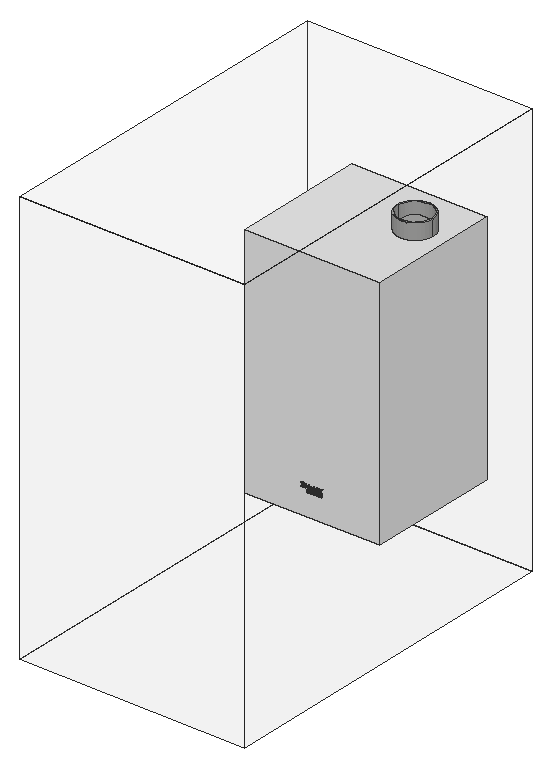
Revit family "Quinta Ace 160kW LOD 3", category Mechanical Equipment, Revit 2020
Family settings
  Round Connector Dimension = Use Radius
  Part Type = Normal
  OmniClass Number = 23.75.10.11.14.14
  OmniClass Title = Condensing Boilers
  Work Plane-Based = No
  Always vertical = Yes
  Cut with Voids When Loaded = No
  Shared = No
  Room Calculation Point = No
Parameters (values of type "160kW")
  Weekly = "0"
  Water Treatment Required = yes
  Water Content = 17.0 L
  Warranty ID = ""
  Voltage = 230 V
  Uniclass2015 = "Pr_60_60_08"
  URL = ""
  Type = "Space heating"
  Turndown Ratio = "5:1"
  Supply Phase = 1
  Starting Current = 0 A
  Sound Pressure Level = "59.5 dBA"
  Shipping Weight = 0.00 kg
  Shape = "Rectangular (Vertical)"
  Safety Valve Connection Type = ""
  Safety Valve Connection Size = 0 mm
  Responsible Sourcing of Materials = "N/A"
  Responsible Extraction of Materials = "N/A"
  Reference Standard = "EU/2016/426 GAR, EN 15502-1, EN 15502-2"
  Rated Output = 161600 W
  Rated Criteria = "50/30"
  Quarterly = "0"
  Product Range = "Quinta Ace 160"
  Product Model Number = "7620526"
  Product Literature = "https://www.remeha.co.uk/product-documents/current-literature"
  Primary Fuel = "Gas - NG"
  Overall Width = 600 mm
  Overall Length = 602 mm
  Overall Height = 1045 mm
  Optional Fuel = "Gas - LPG"
  Operation and Maintenance Manual = "https://www.remeha.co.uk/product-documents/current-literature"
  Oil Consumption rate = 0
  Nominal Oil Inlet Pressure = 0.0 bar
  Nominal Gas Inlet Pressure = 0.017 bar
  NOx Emissions = "36 mg/kWh"
  Mounting = "Wall Mounted"
  Monthly = "0"
  Model = ""
  Minimum Power Consumption = 5.3 W
  Minimum Operating Pressure = 0.8 bar
  Minimum Oil Inlet Pressure = 0.0 bar
  Minimum Gas Inlet Pressure = 0.017 bar
  Minimum Flow Rate at 20C temperature differential = 1.82 L/s
  Minimum Flow Rate at 11C temperature differential = 0.0 L/s
  Maximum Power Consumption = 275 W
  Maximum Operating Pressure = 4.0 bar
  Maximum Oil Inlet Pressure = 0.0 bar
  Maximum Gas Inlet Pressure = 0.025 bar
  Material Ingredient Reporting = "N/A"
  Manufacturer Website = "https://www.remeha.co.uk/"
  Manufacturer = "Remeha Commercial"
  Maintenance Required 8001 to 12000hrs = "0"
  Maintenance Required 601 to 1000hrs = "0"
  Maintenance Required 4001 to 8000hrs = "0"
  Maintenance Required 301 to 600hrs = "0"
  Maintenance Required 2001 to 4000hrs = "0"
  Maintenance Required 1001 to 2000hrs = "0"
  Maintenance Required 0 to 300hrs = "0"
  Location of Manufacturer = "N/A"
  Life Cycle Analysis = "N/A"
  Interlocks = yes
  IfcExportType = "NOTDEFINED"  # constant formula
  IfcExportAs = "IfcBoilerType"  # constant formula
  IP Rating = "X1B"
  IK Rating = "0"
  Hydraulic Resistance at 20C temperature differential = 0.17 bar
  Hydraulic Resistance at 11C temperature differential = 0.0 bar
  Heater Operation = "Condensing"
  Heat Exchanger Material = "Aluminium"
  Gross Weight = 164.00 kg
  Green Guide for Specification = "N/A"
  Gas Consumption rate = "16.5 m3/h"
  Fuse Rating = 6.3 A
  Full Load Current = 0 A
  Fuel Connection Type = "Threaded"
  Fuel Connection Size = 25 mm
  Frequency = 50 Hz
  Flue or Air Intake Classification = "B23p, C13, C33, C53"
  Flue Connection size = 100 mm
  Flow and Return Connection Type = "Threaded"
  Flow and Return Connection Size = 32 mm
  Finish = "High Polish Gardner 60 GRAD 91EH"
  Features = "The Quinta Ace range is a market leading series of versatile, wall hung condensing boilers designed for space heating and hot water production"
  External Material = "Steel"
  Expected Life = "15"
  ErP Seasonal Efficiency = "0 %"
  ErP Rated Efficiency at Part Load = "97.75 %"
  ErP Rated Efficiency at Full Load = "93.34 %"
  ErP Energy Label = "0"
  Environmental Product Declaration = "N/A"
  Energy Technology List = ""
  Embodied Carbon = "N/A"
  Drain Connection Type = ""
  Drain Connection Size = 0 mm
  Description = ""
  Default Elevation = 0 mm
  Daily = "0"
  Control Type = "0 - 10V, Open Therm, Volt free enable, Direct boiler weather compensating control systems available from Remeha as optional extra's."
  Configuration = "Single boiler"
  Condensate Drain Type = "Plain"
  Condensate Drain Size = 32 mm
  Colour = "RAL 9016"
  Clearance Box Visibility [instance] = yes
  CE Mark = "0063CQ3781"
  Burner Control Type = "Modulating"
  Building Regulations Seasonal Efficiency = "96.91 %"
  Bespoke Timeframe = "0"
  BMS Links = yes
  Annually = "06-02"
  Air Inlet Connection Size = 150 mm
  Additional Technical Details = "Not Available"
  Access Clearance Top = 500 mm
  Access Clearance Right = 30 mm
  Access Clearance Rear = 0 mm
  Access Clearance Left = 30 mm
  Access Clearance Front = 1000 mm
  Access Clearance Bottom = 300 mm
  6 Monthly = "06-02"
Reference planes
  plane 1 "Center (Front/Back)": y = 0
  plane 2: z = 0
  plane 3 "Center (Left/Right)": x = 0
  plane 4: y = -602
  plane 5: x = -300
  plane 6: x = 300
  plane 7 "TOP": z = 1045
  plane 8: y = -226
  plane 9: z = 100
  plane 10: y = -80
  plane 11: x = 190
  plane 12: x = 60
  plane 13: x = -125
  plane 14: z = -40
  plane 15: x = 0
  plane 16: z = 1545
Forms (mm)
  Extrusion 1, solid, material "Color RGB 246-246-246"
    sketch origin (0, 0, 0) x (1, 0, 0) y (0, 1, 0)
      loop
        line (-300, -5) -> (-300, -602) -> (300, -602) -> (300, -5) -> (-300, -5)
    from 0 to 1045
  Extrusion 2, solid, material "Color RAL 9004"
    sketch origin (0, 0, 5) x (1, 0, 0) y (0, 0, 1)
      loop
        line (-46.416, 127.175) -> (-46.416, 125.659) -> (46.416, 125.659) -> (46.416, 127.175) -> (-46.416, 127.175)
      loop
        line (-46.416, 108.987) -> (46.416, 108.987) -> (46.416, 110.503) -> (-46.416, 110.503) -> (-46.416, 108.987)
      loop
        line (-42.903, 123.33) -> (-42.903, 112.123) -> (-31.533, 112.123) -> (-31.533, 116.521) -> (-28.877, 116.521)
        arc (-28.877, 116.521) -> (-27.757, 116.01) -> (-27.407, 114.83) r 1.484
        arc (-27.407, 114.83) -> (-27.407, 113.45) -> (-27.027, 112.123) r 4.959
        line (-27.027, 112.123) -> (-24.82, 112.123)
        arc (-24.82, 112.123) -> (-25.1, 113.72) -> (-25.186, 115.339) r 13.512
        arc (-25.186, 115.339) -> (-25.591, 116.649) -> (-26.676, 117.488) r 2.274
        arc (-26.676, 117.488) -> (-24.74, 120.841) -> (-27.706, 123.33) r 3.011
        line (-27.706, 123.33) -> (-31.533, 123.33) -> (-42.903, 123.33)
      loop
        line (-31.533, 121.399) -> (-31.533, 118.337) -> (-28.473, 118.337)
        arc (-28.473, 118.337) -> (-27.841, 118.567) -> (-27.505, 119.149) r 0.983
        arc (-27.505, 119.149) -> (-27.331, 119.919) -> (-27.523, 120.684) r 1.703
        arc (-27.523, 120.684) -> (-28.046, 121.207) -> (-28.761, 121.399) r 1.43
        line (-28.761, 121.399) -> (-31.533, 121.399)
      loop
        line (-40.843, 121.399) -> (-40.843, 114.205) -> (-33.65, 114.205) -> (-33.65, 121.399) -> (-40.843, 121.399)
      loop
        line (-13.743, 120.416) -> (-15.868, 120.416) -> (-15.868, 112.123) -> (-13.577, 112.123) -> (-13.577, 116.58)
        arc (-13.577, 116.58) -> (-13.157, 117.792) -> (-12.076, 118.483) r 1.957
        arc (-12.076, 118.483) -> (-11.303, 118.511) -> (-10.58, 118.237) r 1.957
        line (-10.58, 118.237) -> (-10.58, 120.621)
        arc (-10.58, 120.621) -> (-12.467, 120.369) -> (-13.743, 118.956) r 2.762
        line (-13.743, 118.956) -> (-13.743, 120.416)
      loop
        line (-7.789, 115.795) -> (-1.936, 115.795)
        arc (-1.936, 115.795) -> (-6.013, 120.608) -> (-9.946, 115.677) r 4.082
        arc (-9.946, 115.677) -> (-6.411, 111.987) -> (-2.113, 114.751) r 4.018
        line (-2.113, 114.751) -> (-4.098, 114.751)
        arc (-4.098, 114.751) -> (-6.402, 113.655) -> (-7.789, 115.795) r 1.935
      loop
        line (-7.801, 117.183) -> (-4.102, 117.183)
        arc (-4.102, 117.183) -> (-5.952, 119.032) -> (-7.801, 117.183) r 1.85
      loop
        line (2.027, 119.255) -> (2.027, 120.45) -> (-0.1, 120.45) -> (-0.1, 112.285) -> (2.116, 112.285) -> (2.116, 117.483)
        arc (2.116, 117.483) -> (3.572, 118.94) -> (5.029, 117.483) r 1.456
        line (5.029, 117.483) -> (5.029, 112.285) -> (7.246, 112.285) -> (7.246, 117.483)
        arc (7.246, 117.483) -> (8.674, 118.911) -> (10.101, 117.483) r 1.428
        line (10.101, 117.483) -> (10.101, 112.285) -> (12.287, 112.285) -> (12.287, 117.644)
        arc (12.287, 117.644) -> (12.323, 118.52) -> (11.989, 119.331) r 2.045
        arc (11.989, 119.331) -> (9.434, 120.668) -> (6.878, 119.331) r 3.111
        arc (6.878, 119.331) -> (4.43, 120.693) -> (2.027, 119.255) r 2.802
      loop
        line (16.422, 115.795) -> (22.276, 115.795)
        arc (22.276, 115.795) -> (18.199, 120.608) -> (14.266, 115.677) r 4.082
        arc (14.266, 115.677) -> (17.8, 111.987) -> (22.098, 114.751) r 4.018
        line (22.098, 114.751) -> (20.113, 114.751)
        arc (20.113, 114.751) -> (17.81, 113.655) -> (16.422, 115.795) r 1.935
      loop
        line (16.41, 117.183) -> (20.11, 117.183)
        arc (20.11, 117.183) -> (18.26, 119.032) -> (16.41, 117.183) r 1.85
      loop
        line (26.317, 123.525) -> (23.979, 123.525) -> (23.979, 112.327) -> (26.317, 112.327) -> (26.317, 117.183)
        arc (26.317, 117.183) -> (27.866, 119.09) -> (29.415, 117.183) r 1.583
        line (29.415, 117.183) -> (29.415, 112.327) -> (31.727, 112.327) -> (31.727, 117.881)
        arc (31.727, 117.881) -> (29.578, 120.682) -> (26.317, 119.331) r 2.9
        line (26.317, 119.331) -> (26.317, 123.525)
      loop
        line (33.711, 117.9) -> (35.954, 117.9)
        arc (35.954, 117.9) -> (36.198, 118.629) -> (36.846, 119.042) r 1.152
        arc (36.846, 119.042) -> (37.559, 119.157) -> (38.277, 119.073) r 2.636
        arc (38.277, 119.073) -> (38.91, 118.326) -> (38.417, 117.481) r 0.848
        arc (38.417, 117.481) -> (37.264, 117.112) -> (36.057, 117.022) r 5.146
        arc (36.057, 117.022) -> (34.875, 116.787) -> (33.935, 116.033) r 2.534
        arc (33.935, 116.033) -> (33.415, 114.355) -> (34.112, 112.742) r 2.534
        arc (34.112, 112.742) -> (35.55, 112.168) -> (37.098, 112.144) r 4.27
        arc (37.098, 112.144) -> (38.234, 112.523) -> (38.91, 113.51) r 1.879
        arc (38.91, 113.51) -> (38.985, 112.9) -> (39.165, 112.312) r 3.528
        line (39.165, 112.312) -> (41.395, 112.312)
        arc (41.395, 112.312) -> (41.147, 113.134) -> (41.063, 113.988) r 4.397
        line (41.063, 113.988) -> (41.063, 118.62)
        arc (41.063, 118.62) -> (40.522, 119.926) -> (39.215, 120.467) r 1.847
        arc (39.215, 120.467) -> (37.546, 120.653) -> (35.877, 120.467) r 7.57
        arc (35.877, 120.467) -> (34.364, 119.547) -> (33.711, 117.9) r 2.784
      loop
        arc (35.732, 115.074) -> (35.743, 114.342) -> (36.205, 113.774) r 1.116
        arc (36.205, 113.774) -> (36.963, 113.597) -> (37.732, 113.722) r 2.007
        arc (37.732, 113.722) -> (38.547, 114.355) -> (38.856, 115.34) r 1.727
        line (38.856, 115.34) -> (38.856, 116.532)
        arc (38.856, 116.532) -> (38.208, 116.031) -> (37.394, 115.941) r 1.515
        arc (37.394, 115.941) -> (36.418, 115.785) -> (35.732, 115.074) r 1.56
      loop
        arc (-21.071, 103.203) -> (-21.896, 102.861) -> (-22.238, 102.036) r 1.166
        line (-22.238, 102.036) -> (-22.238, 96.791)
        arc (-22.238, 96.791) -> (-21.896, 95.966) -> (-21.071, 95.624) r 1.166
        line (-21.071, 95.624) -> (-16.378, 95.624) -> (-15.322, 93.704) -> (-13.784, 94.55) -> (-14.549, 95.941) -> (-14.549, 102.036)
        arc (-14.549, 102.036) -> (-14.89, 102.861) -> (-15.715, 103.203) r 1.166
        line (-15.715, 103.203) -> (-21.071, 103.203)
      loop
        arc (-19.678, 101.897) -> (-20.503, 101.555) -> (-20.844, 100.731) r 1.166
        line (-20.844, 100.731) -> (-20.844, 98.199)
        arc (-20.844, 98.199) -> (-20.503, 97.374) -> (-19.678, 97.032) r 1.166
        line (-19.678, 97.032) -> (-17.147, 97.032)
        arc (-17.147, 97.032) -> (-16.322, 97.374) -> (-15.981, 98.198) r 1.166
        line (-15.981, 98.198) -> (-15.981, 100.731)
        arc (-15.981, 100.731) -> (-16.322, 101.555) -> (-17.147, 101.897) r 1.166
        line (-17.147, 101.897) -> (-19.678, 101.897)
      loop
        arc (-13.898, 96.791) -> (-13.556, 95.966) -> (-12.731, 95.624) r 1.166
        line (-12.731, 95.624) -> (-6.758, 95.624)
        arc (-6.758, 95.624) -> (-5.933, 95.966) -> (-5.592, 96.791) r 1.166
        line (-5.592, 96.791) -> (-5.592, 103.203) -> (-7.393, 103.203) -> (-7.393, 98.198)
        arc (-7.393, 98.198) -> (-7.735, 97.374) -> (-8.559, 97.032) r 1.166
        line (-8.559, 97.032) -> (-10.93, 97.032)
        arc (-10.93, 97.032) -> (-11.755, 97.374) -> (-12.097, 98.199) r 1.166
        line (-12.097, 98.199) -> (-12.097, 103.203) -> (-13.898, 103.203) -> (-13.898, 96.791)
      loop
        line (-0.567, 102.931) -> (-0.567, 95.941) -> (1.033, 95.941) -> (1.033, 101.182) -> (3.477, 95.941) -> (5.842, 95.941) -> (5.842, 102.931) -> (4.241, 102.931) -> (4.241, 97.69) -> (1.797, 102.931) -> (-0.567, 102.931)
      loop
        line (11.722, 101.262) -> (14.501, 101.262) -> (14.501, 102.931) -> (7.191, 102.931) -> (7.191, 101.262) -> (9.97, 101.262) -> (9.97, 95.941) -> (11.722, 95.941) -> (11.722, 101.262)
      loop
        line (17.463, 102.931) -> (13.679, 95.941) -> (16.034, 95.941) -> (16.793, 97.374) -> (20.952, 97.374) -> (21.711, 95.941) -> (24.261, 95.941) -> (20.254, 102.931) -> (17.463, 102.931)
      loop
        line (18.854, 101.309) -> (17.502, 98.684) -> (20.244, 98.684) -> (18.854, 101.309)
      loop
        line (-2.215, 103.203) -> (-4.016, 103.203) -> (-4.016, 95.624) -> (-2.215, 95.624) -> (-2.215, 103.203)
      loop
        line (30.466, 102.198) -> (27.184, 96.136) -> (29.227, 96.136) -> (30.008, 97.654) -> (32.667, 97.654) -> (33.449, 96.136) -> (35.419, 96.136) -> (32.21, 102.198) -> (30.466, 102.198)
      loop
        line (31.338, 100.792) -> (30.253, 98.684) -> (32.454, 98.684) -> (31.338, 100.792)
      loop
        line (39.995, 100.465) -> (39.995, 102.198) -> (38.262, 102.198)
        arc (38.262, 102.198) -> (35.231, 99.167) -> (38.262, 96.136) r 3.031
        line (38.262, 96.136) -> (39.995, 96.136) -> (39.995, 97.869) -> (38.245, 97.869)
        arc (38.245, 97.869) -> (36.947, 99.167) -> (38.245, 100.465) r 1.298
        line (38.245, 100.465) -> (39.995, 100.465)
      loop
        line (41.615, 102.198) -> (41.615, 96.136) -> (44.647, 96.136) -> (44.647, 97.348) -> (42.828, 97.348) -> (42.828, 98.561) -> (44.647, 98.561) -> (44.647, 99.773) -> (42.828, 99.773) -> (42.828, 100.986) -> (44.647, 100.986) -> (44.647, 102.198) -> (41.615, 102.198)
    from 600.389 to 603.257
  Extrusion 3, solid, material "Color RGB 127-118-121"
    sketch origin (0, 0, 0) x (0, 1, 0) y (0, 0, 1)
      loop
        line (-5, 1035.5) -> (-5, 1010.5) -> (-2, 1010.5) -> (-2, 989.5) -> (0, 989.5) -> (0, 1012.5) -> (-3, 1012.5) -> (-3, 1035.5) -> (-5, 1035.5)
    from -270 to 270
  Extrusion 4, void
    sketch origin (0, 0, 0) x (1, 0, 0) y (0, 0, 1)
      loop
        line (233.5, 1005) -> (233.5, 998)
        arc (233.5, 998) -> (236, 995.5) -> (238.5, 998) r 2.5
        line (238.5, 998) -> (238.5, 1005)
        arc (238.5, 1005) -> (236, 1007.5) -> (233.5, 1005) r 2.5
      loop
        line (17.5, 1005) -> (17.5, 998)
        arc (17.5, 998) -> (20, 995.5) -> (22.5, 998) r 2.5
        line (22.5, 998) -> (22.5, 1005)
        arc (22.5, 1005) -> (20, 1007.5) -> (17.5, 1005) r 2.5
      loop
        arc (-233.5, 1005) -> (-236, 1007.5) -> (-238.5, 1005) r 2.5
        line (-238.5, 1005) -> (-238.5, 998)
        arc (-238.5, 998) -> (-236, 995.5) -> (-233.5, 998) r 2.5
        line (-233.5, 998) -> (-233.5, 1005)
      loop
        arc (-17.5, 1005) -> (-20, 1007.5) -> (-22.5, 1005) r 2.5
        line (-22.5, 1005) -> (-22.5, 998)
        arc (-22.5, 998) -> (-20, 995.5) -> (-17.5, 998) r 2.5
        line (-17.5, 998) -> (-17.5, 1005)
    from -6.013 to 3.638
  Extrusion 5, solid, material "Color RGB 246-246-246", detail levels fine
    sketch origin (0, 0, 0) x (1, 0, 0) y (0, 1, 0)
      loop
        circle (190, -80) r 12.5
      loop
        circle (60, -80) r 16
      loop
        circle (-125, -80) r 16
      loop
        circle (0, -80) r 16
    from -40 to 0
  Extrusion 6, solid
    sketch origin (-148, 155.443, 1200) x (0, 1, 0) y (0, 0, 1)
      loop
        line (-158.443, -187.5) -> (-158.443, -164.5) -> (-160.443, -164.5) -> (-160.443, -189.5) -> (-157.443, -189.5) -> (-157.443, -210.5) -> (-155.443, -210.5) -> (-155.443, -187.5) -> (-158.443, -187.5)
    from -122 to 418
  Extrusion 7, solid
    sketch origin (0, 0, 0) x (1, 0, 0) y (0, 1, 0)
      loop
        circle (157, -226) r 80
      loop
        circle (157, -226) r 75
    from 1015 to 1112.631
  Extrusion 8, solid, material "Glass - Clear - Amber", visible <- "Clearance Box Visibility"
    sketch origin (0, 0, 0) x (0, 1, 0) y (0, 0, 1)
      loop
        line (0, 1545) -> (-1600, 1545) -> (-1600, -300) -> (0, -300) -> (0, 1545)
    from -500 to 500
  Extrusion 9, solid
    sketch origin (0, 0, 1045) x (0, 1, 0) y (-1, 0, 0)
      loop
        circle (-226, -157) r 55
    from 0 to 25
Cuts and joins
  Extrusion 4 cuts Extrusion 3
Dimensions and locks
  plane 4 to plane 1 "Center (Front/Back)" = 602 mm
  plane 5 to plane 6 = 600 mm
  equal spacing: plane 5, plane 3 "Center (Left/Right)", plane 6
  plane 7 "TOP" to level = 1045 mm
  radius of Extrusion 5 sketch curve = 12.5 mm
  radius of Extrusion 5 sketch curve = 16 mm  (x2)
  aligned and locked: level to plane 2
  aligned and locked: Extrusion 5 to plane 14
Automatic sketch dimensions
  Extrusion 1 sketch curve to plane 4 = 0 mm
  Extrusion 1 sketch curve to plane 5 = 0 mm
  Extrusion 1 sketch curve to plane 6 = 0 mm
  plane 1 "Center (Front/Back)" to Extrusion 1 sketch curve = 5 mm
  Extrusion 3 sketch curve to plane 1 "Center (Front/Back)" = 0 mm
  plane 1 "Center (Front/Back)" to Extrusion 3 sketch curve = 2 mm
  plane 1 "Center (Front/Back)" to Extrusion 3 sketch curve = 3 mm
  Extrusion 3 sketch curve to Extrusion 3 sketch curve = 2 mm  (x2)
  Extrusion 3 sketch curve to plane 7 "TOP" = 55.5 mm
  Extrusion 3 sketch curve to Extrusion 3 sketch curve = 23 mm
  Extrusion 3 sketch curve to plane 7 "TOP" = 9.5 mm
  plane 5 to Extrusion 4 sketch curve = 61.5 mm
  Extrusion 4 sketch curve to Extrusion 4 sketch curve = 2.5 mm  (x4)
  Extrusion 4 sketch curve to plane 3 "Center (Left/Right)" = 22.5 mm
  plane 3 "Center (Left/Right)" to Extrusion 4 sketch curve = 17.5 mm
  Extrusion 4 sketch curve to plane 6 = 66.5 mm
  Extrusion 4 sketch curve to plane 7 "TOP" = 47 mm  (x3)
  Extrusion 4 sketch curve to Extrusion 4 sketch curve = 0 mm
  Extrusion 4 sketch curve to Extrusion 4 sketch curve = 7 mm  (x4)
  Extrusion 6 sketch curve to plane 1 "Center (Front/Back)" = 0 mm
  plane 1 "Center (Front/Back)" to Extrusion 6 sketch curve = 2 mm
  plane 1 "Center (Front/Back)" to Extrusion 6 sketch curve = 3 mm
  Extrusion 6 sketch curve to Extrusion 6 sketch curve = 2 mm  (x2)
  Extrusion 6 sketch curve to plane 7 "TOP" = 55.5 mm
  Extrusion 6 sketch curve to Extrusion 6 sketch curve = 21 mm
  Extrusion 6 sketch curve to plane 7 "TOP" = 9.5 mm
  Extrusion 7 sketch curve to Extrusion 7 sketch curve = 0 mm  (x2)
  Extrusion 7 sketch curve to plane 8 = 0 mm
  Extrusion 7 sketch curve to plane 11 = 33 mm
  plane 10 to Extrusion 5 sketch curve = 0 mm  (x4)
  Extrusion 5 sketch curve to plane 13 = 0 mm
  Extrusion 5 sketch curve to plane 3 "Center (Left/Right)" = 0 mm
  Extrusion 5 sketch curve to plane 12 = 0 mm
  Extrusion 5 sketch curve to plane 11 = 0 mm
  Extrusion 8 sketch curve to level = 300 mm
  plane 16 to Extrusion 8 sketch curve = 0 mm
  Extrusion 8 sketch curve to plane 4 = 998 mm
  Extrusion 8 sketch curve to plane 1 "Center (Front/Back)" = 0 mm
  Extrusion 9 sketch curve to plane 11 = 33 mm
  Extrusion 9 sketch curve to plane 8 = 0 mm
  Extrusion 2 sketch curve to Extrusion 2 sketch curve = 0 mm  (x29)
  Extrusion 2 sketch curve to plane 3 "Center (Left/Right)" = 46.416 mm
  Extrusion 2 sketch curve to Extrusion 2 sketch curve = 3.512 mm
  Extrusion 2 sketch curve to Extrusion 2 sketch curve = 2.061 mm
  Extrusion 2 sketch curve to Extrusion 2 sketch curve = 7.192 mm
  Extrusion 2 sketch curve to Extrusion 2 sketch curve = 2.118 mm  (x2)
  Extrusion 2 sketch curve to Extrusion 2 sketch curve = 2.498 mm
  Extrusion 2 sketch curve to Extrusion 2 sketch curve = 2.656 mm
  Extrusion 2 sketch curve to Extrusion 2 sketch curve = 0.273 mm
  Extrusion 2 sketch curve to Extrusion 2 sketch curve = 0.288 mm
  Extrusion 2 sketch curve to Extrusion 2 sketch curve = 1.055 mm
  Extrusion 2 sketch curve to Extrusion 2 sketch curve = 1.417 mm
  Extrusion 2 sketch curve to Extrusion 2 sketch curve = 0.433 mm
  Extrusion 2 sketch curve to Extrusion 2 sketch curve = 2.207 mm
  Extrusion 2 sketch curve to Extrusion 2 sketch curve = 2.323 mm
  Extrusion 2 sketch curve to Extrusion 2 sketch curve = 2.583 mm
  Extrusion 2 sketch curve to Extrusion 2 sketch curve = 1.166 mm  (x6)
  Extrusion 2 sketch curve to Extrusion 2 sketch curve = 0.227 mm
  Extrusion 2 sketch curve to Extrusion 2 sketch curve = 1.393 mm  (x2)
  Extrusion 2 sketch curve to Extrusion 2 sketch curve = 2.531 mm  (x2)
  Extrusion 2 sketch curve to Extrusion 2 sketch curve = 0.768 mm
  Extrusion 2 sketch curve to Extrusion 2 sketch curve = 6.628 mm
  Extrusion 2 sketch curve to Extrusion 2 sketch curve = 0.266 mm
  Extrusion 2 sketch curve to Extrusion 2 sketch curve = 1.056 mm
  Extrusion 2 sketch curve to Extrusion 2 sketch curve = 1.829 mm
  Extrusion 2 sketch curve to Extrusion 2 sketch curve = 0.651 mm
  Extrusion 2 sketch curve to Extrusion 2 sketch curve = 0.765 mm
  Extrusion 2 sketch curve to Extrusion 2 sketch curve = 2.125 mm
  Extrusion 2 sketch curve to Extrusion 2 sketch curve = 2.291 mm
  Extrusion 2 sketch curve to Extrusion 2 sketch curve = 1.053 mm
  Extrusion 2 sketch curve to Extrusion 2 sketch curve = 0.635 mm  (x2)
  Extrusion 2 sketch curve to Extrusion 2 sketch curve = 1.902 mm
  Extrusion 2 sketch curve to Extrusion 2 sketch curve = 0.054 mm
  Extrusion 2 sketch curve to Extrusion 2 sketch curve = 0.44 mm
  Extrusion 2 sketch curve to Extrusion 2 sketch curve = 0.601 mm
  Extrusion 2 sketch curve to Extrusion 2 sketch curve = 2.371 mm
  Extrusion 2 sketch curve to Extrusion 2 sketch curve = 2.778 mm
  Extrusion 2 sketch curve to Extrusion 2 sketch curve = 0.012 mm  (x2)
  Extrusion 2 sketch curve to Extrusion 2 sketch curve = 4.704 mm
  Extrusion 2 sketch curve to Extrusion 2 sketch curve = 1.849 mm  (x2)
  Extrusion 2 sketch curve to Extrusion 2 sketch curve = 0.001 mm  (x2)
  Extrusion 2 sketch curve to Extrusion 2 sketch curve = 0.013 mm  (x2)
  Extrusion 2 sketch curve to Extrusion 2 sketch curve = 0.065 mm  (x2)
  Extrusion 2 sketch curve to Extrusion 2 sketch curve = 1.801 mm  (x2)
  Extrusion 2 sketch curve to Extrusion 2 sketch curve = 1.776 mm  (x2)
  Extrusion 2 sketch curve to Extrusion 2 sketch curve = 1.576 mm
  Extrusion 2 sketch curve to Extrusion 2 sketch curve = 1.985 mm  (x2)
  Extrusion 2 sketch curve to Extrusion 2 sketch curve = 0.177 mm  (x2)
  Extrusion 2 sketch curve to plane 3 "Center (Left/Right)" = 0.567 mm
  Extrusion 2 sketch curve to plane 3 "Center (Left/Right)" = 0.1 mm
  plane 3 "Center (Left/Right)" to Extrusion 2 sketch curve = 1.033 mm
  plane 3 "Center (Left/Right)" to Extrusion 2 sketch curve = 1.797 mm
  plane 3 "Center (Left/Right)" to Extrusion 2 sketch curve = 2.027 mm
  plane 3 "Center (Left/Right)" to Extrusion 2 sketch curve = 2.116 mm
  Extrusion 2 sketch curve to Extrusion 2 sketch curve = 2.444 mm
  Extrusion 2 sketch curve to Extrusion 2 sketch curve = 1.456 mm
  Extrusion 2 sketch curve to Extrusion 2 sketch curve = 0.764 mm
  Extrusion 2 sketch curve to Extrusion 2 sketch curve = 0.554 mm
  Extrusion 2 sketch curve to Extrusion 2 sketch curve = 1.6 mm
  Extrusion 2 sketch curve to Extrusion 2 sketch curve = 1.349 mm
  Extrusion 2 sketch curve to Extrusion 2 sketch curve = 2.218 mm
  Extrusion 2 sketch curve to Extrusion 2 sketch curve = 1.428 mm
  Extrusion 2 sketch curve to Extrusion 2 sketch curve = 0.668 mm
  Extrusion 2 sketch curve to Extrusion 2 sketch curve = 2.779 mm  (x2)
  Extrusion 2 sketch curve to Extrusion 2 sketch curve = 0.208 mm
  Extrusion 2 sketch curve to Extrusion 2 sketch curve = 1.752 mm
  Extrusion 2 sketch curve to Extrusion 2 sketch curve = 1.977 mm
  Extrusion 2 sketch curve to Extrusion 2 sketch curve = 1.957 mm
  Extrusion 2 sketch curve to Extrusion 2 sketch curve = 2.355 mm
  Extrusion 2 sketch curve to Extrusion 2 sketch curve = 4.124 mm
  Extrusion 2 sketch curve to Extrusion 2 sketch curve = 0.759 mm  (x2)
  Extrusion 2 sketch curve to Extrusion 2 sketch curve = 2.962 mm
  Extrusion 2 sketch curve to Extrusion 2 sketch curve = 0.709 mm  (x2)
  Extrusion 2 sketch curve to Extrusion 2 sketch curve = 1.39 mm
  Extrusion 2 sketch curve to Extrusion 2 sketch curve = 2.742 mm
  Extrusion 2 sketch curve to Extrusion 2 sketch curve = 1.4 mm
  Extrusion 2 sketch curve to Extrusion 2 sketch curve = 3.87 mm
  Extrusion 2 sketch curve to Extrusion 2 sketch curve = 2.549 mm
  Extrusion 2 sketch curve to Extrusion 2 sketch curve = 2.337 mm  (x2)
  Extrusion 2 sketch curve to Extrusion 2 sketch curve = 2.923 mm
  Extrusion 2 sketch curve to Extrusion 2 sketch curve = 1.549 mm
  Extrusion 2 sketch curve to Extrusion 2 sketch curve = 0.962 mm
  Extrusion 2 sketch curve to Extrusion 2 sketch curve = 2.043 mm
  Extrusion 2 sketch curve to Extrusion 2 sketch curve = 0.587 mm
  Extrusion 2 sketch curve to Extrusion 2 sketch curve = 0.782 mm  (x2)
  Extrusion 2 sketch curve to Extrusion 2 sketch curve = 0.244 mm
  Extrusion 2 sketch curve to Extrusion 2 sketch curve = 0.214 mm  (x2)
  Extrusion 2 sketch curve to Extrusion 2 sketch curve = 0.872 mm  (x2)
  Extrusion 2 sketch curve to Extrusion 2 sketch curve = 2.312 mm
  Extrusion 2 sketch curve to Extrusion 2 sketch curve = 2.202 mm
  Extrusion 2 sketch curve to Extrusion 2 sketch curve = 0.213 mm
  Extrusion 2 sketch curve to Extrusion 2 sketch curve = 1.984 mm
  Extrusion 2 sketch curve to Extrusion 2 sketch curve = 1.97 mm
  Extrusion 2 sketch curve to Extrusion 2 sketch curve = 2.234 mm
  Extrusion 2 sketch curve to Extrusion 2 sketch curve = 2.242 mm
  Extrusion 2 sketch curve to Extrusion 2 sketch curve = 0.328 mm
  Extrusion 2 sketch curve to Extrusion 2 sketch curve = 0.434 mm
  Extrusion 2 sketch curve to Extrusion 2 sketch curve = 0.538 mm
  Extrusion 2 sketch curve to Extrusion 2 sketch curve = 0.846 mm  (x2)
  Extrusion 2 sketch curve to Extrusion 2 sketch curve = 0.24 mm
  Extrusion 2 sketch curve to Extrusion 2 sketch curve = 0.311 mm
  Extrusion 2 sketch curve to Extrusion 2 sketch curve = 0.615 mm
  Extrusion 2 sketch curve to Extrusion 2 sketch curve = 0.098 mm
  Extrusion 2 sketch curve to Extrusion 2 sketch curve = 0.037 mm
  Extrusion 2 sketch curve to Extrusion 2 sketch curve = 0.443 mm
  Extrusion 2 sketch curve to Extrusion 2 sketch curve = 0.585 mm
  Extrusion 2 sketch curve to Extrusion 2 sketch curve = 0.535 mm
  Extrusion 2 sketch curve to Extrusion 2 sketch curve = 0.424 mm
  Extrusion 2 sketch curve to Extrusion 2 sketch curve = 2.826 mm
  Extrusion 2 sketch curve to Extrusion 2 sketch curve = 0.017 mm
  Extrusion 2 sketch curve to Extrusion 2 sketch curve = 1.239 mm
  Extrusion 2 sketch curve to Extrusion 2 sketch curve = 1.619 mm
  Extrusion 2 sketch curve to Extrusion 2 sketch curve = 1.151 mm
  Extrusion 2 sketch curve to Extrusion 2 sketch curve = 1.733 mm  (x3)
  Extrusion 2 sketch curve to Extrusion 2 sketch curve = 1.847 mm
  Extrusion 2 sketch curve to Extrusion 2 sketch curve = 0.332 mm
  Extrusion 2 sketch curve to Extrusion 2 sketch curve = 1.621 mm
  Extrusion 2 sketch curve to Extrusion 2 sketch curve = 1.374 mm
  Extrusion 2 sketch curve to Extrusion 2 sketch curve = 1.212 mm  (x5)
  Extrusion 2 sketch curve to Extrusion 2 sketch curve = 1.819 mm  (x2)
  Extrusion 2 sketch curve to Extrusion 2 sketch curve = 3.024 mm
  Extrusion 2 sketch curve to Extrusion 2 sketch curve = 5.353 mm
  Extrusion 2 sketch curve to Extrusion 2 sketch curve = 0.956 mm
  Extrusion 2 sketch curve to plane 9 = 1.296 mm
  Extrusion 2 sketch curve to Extrusion 2 sketch curve = 1.075 mm
  Extrusion 2 sketch curve to Extrusion 2 sketch curve = 0.316 mm
  Extrusion 2 sketch curve to Extrusion 2 sketch curve = 0.195 mm
  Extrusion 2 sketch curve to Extrusion 2 sketch curve = 0.241 mm  (x2)
  Extrusion 2 sketch curve to Extrusion 2 sketch curve = 1.433 mm
  Extrusion 2 sketch curve to Extrusion 2 sketch curve = 1.518 mm
  Extrusion 2 sketch curve to Extrusion 2 sketch curve = 1.749 mm  (x2)
  Extrusion 2 sketch curve to Extrusion 2 sketch curve = 1.309 mm
  Extrusion 2 sketch curve to Extrusion 2 sketch curve = 1.03 mm
  Extrusion 2 sketch curve to Extrusion 2 sketch curve = 1.298 mm
  Extrusion 2 sketch curve to Extrusion 2 sketch curve = 2.532 mm
  Extrusion 2 sketch curve to Extrusion 2 sketch curve = 2.108 mm
  Extrusion 2 sketch curve to Extrusion 2 sketch curve = 3.492 mm
  Extrusion 2 sketch curve to Extrusion 2 sketch curve = 5.321 mm
  Extrusion 2 sketch curve to Extrusion 2 sketch curve = 2.626 mm
  Extrusion 2 sketch curve to Extrusion 2 sketch curve = 1.306 mm
  Extrusion 2 sketch curve to Extrusion 2 sketch curve = 1.407 mm
  Extrusion 2 sketch curve to Extrusion 2 sketch curve = 1.669 mm
  Extrusion 2 sketch curve to Extrusion 2 sketch curve = 1.622 mm
  Extrusion 2 sketch curve to Extrusion 2 sketch curve = 0.272 mm
  Extrusion 2 sketch curve to Extrusion 2 sketch curve = 6.951 mm
  Extrusion 2 sketch curve to Extrusion 2 sketch curve = 1.516 mm  (x2)
  Extrusion 2 sketch curve to Extrusion 2 sketch curve = 8.92 mm
  Extrusion 2 sketch curve to Extrusion 2 sketch curve = 10.087 mm
  Extrusion 2 sketch curve to Extrusion 2 sketch curve = 9.354 mm
  Extrusion 2 sketch curve to Extrusion 2 sketch curve = 1.809 mm
  Extrusion 2 sketch curve to Extrusion 2 sketch curve = 9.396 mm
  Extrusion 2 sketch curve to Extrusion 2 sketch curve = 0.772 mm
  Extrusion 2 sketch curve to Extrusion 2 sketch curve = 0.354 mm
  Extrusion 2 sketch curve to Extrusion 2 sketch curve = 0.939 mm  (x2)
  Extrusion 2 sketch curve to Extrusion 2 sketch curve = 2.017 mm
  Extrusion 2 sketch curve to Extrusion 2 sketch curve = 2.082 mm
  Extrusion 2 sketch curve to Extrusion 2 sketch curve = 0.378 mm
  Extrusion 2 sketch curve to Extrusion 2 sketch curve = 0.089 mm
  Extrusion 2 sketch curve to Extrusion 2 sketch curve = 0.322 mm
  Extrusion 2 sketch curve to Extrusion 2 sketch curve = 2.466 mm
  Extrusion 2 sketch curve to Extrusion 2 sketch curve = 2.424 mm
  Extrusion 2 sketch curve to Extrusion 2 sketch curve = 2.913 mm
  Extrusion 2 sketch curve to Extrusion 2 sketch curve = 3.125 mm
  Extrusion 2 sketch curve to Extrusion 2 sketch curve = 0.524 mm
  Extrusion 2 sketch curve to Extrusion 2 sketch curve = 0.766 mm  (x2)
  Extrusion 2 sketch curve to Extrusion 2 sketch curve = 0.262 mm
  Extrusion 2 sketch curve to Extrusion 2 sketch curve = 0.459 mm  (x2)
  Extrusion 2 sketch curve to Extrusion 2 sketch curve = 0.751 mm
  Extrusion 2 sketch curve to Extrusion 2 sketch curve = 1.484 mm
  Extrusion 2 sketch curve to Extrusion 2 sketch curve = 0.918 mm
  Extrusion 2 sketch curve to Extrusion 2 sketch curve = 0.549 mm  (x2)
  Extrusion 2 sketch curve to Extrusion 2 sketch curve = 1.191 mm
  Extrusion 2 sketch curve to Extrusion 2 sketch curve = 1.332 mm
  Extrusion 2 sketch curve to Extrusion 2 sketch curve = 0.657 mm  (x2)
  Extrusion 2 sketch curve to Extrusion 2 sketch curve = 1.387 mm
  Extrusion 2 sketch curve to Extrusion 2 sketch curve = 0.914 mm
  Extrusion 2 sketch curve to Extrusion 2 sketch curve = 5.199 mm
  Extrusion 2 sketch curve to Extrusion 2 sketch curve = 0.324 mm
  Extrusion 2 sketch curve to Extrusion 2 sketch curve = 0.073 mm
  Extrusion 2 sketch curve to Extrusion 2 sketch curve = 0.16 mm
  Extrusion 2 sketch curve to Extrusion 2 sketch curve = 0.317 mm
  Extrusion 2 sketch curve to Extrusion 2 sketch curve = 0.698 mm
  Extrusion 2 sketch curve to Extrusion 2 sketch curve = 0.408 mm
  Extrusion 2 sketch curve to Extrusion 2 sketch curve = 0.019 mm
  Extrusion 2 sketch curve to Extrusion 2 sketch curve = 0.167 mm
  Extrusion 2 sketch curve to Extrusion 2 sketch curve = 0.312 mm
  Extrusion 2 sketch curve to Extrusion 2 sketch curve = 0.682 mm
  Extrusion 2 sketch curve to Extrusion 2 sketch curve = 0.817 mm
  Extrusion 2 sketch curve to Extrusion 2 sketch curve = 1.816 mm
  Extrusion 2 sketch curve to Extrusion 2 sketch curve = 0.367 mm
  Extrusion 2 sketch curve to Extrusion 2 sketch curve = 2.376 mm
  Extrusion 2 sketch curve to Extrusion 2 sketch curve = 1.772 mm
  Extrusion 2 sketch curve to Extrusion 2 sketch curve = 0.983 mm
  Extrusion 2 sketch curve to Extrusion 2 sketch curve = 0.579 mm
  Extrusion 2 sketch curve to Extrusion 2 sketch curve = 0.07 mm
  Extrusion 2 sketch curve to Extrusion 2 sketch curve = 0.349 mm
  Extrusion 2 sketch curve to Extrusion 2 sketch curve = 1.46 mm
  Extrusion 2 sketch curve to Extrusion 2 sketch curve = 1.195 mm
  Extrusion 2 sketch curve to Extrusion 2 sketch curve = 7.194 mm
  Extrusion 2 sketch curve to Extrusion 2 sketch curve = 1.696 mm
  Extrusion 2 sketch curve to Extrusion 2 sketch curve = 1.931 mm
  Extrusion 2 sketch curve to Extrusion 2 sketch curve = 4.194 mm
  Extrusion 2 sketch curve to Extrusion 2 sketch curve = 2.33 mm
  Extrusion 2 sketch curve to Extrusion 2 sketch curve = 0.183 mm
  Extrusion 2 sketch curve to Extrusion 2 sketch curve = 0.829 mm
  Extrusion 2 sketch curve to Extrusion 2 sketch curve = 0.896 mm
  Extrusion 2 sketch curve to Extrusion 2 sketch curve = 0.368 mm
  Extrusion 2 sketch curve to Extrusion 2 sketch curve = 0.224 mm
  Extrusion 2 sketch curve to Extrusion 2 sketch curve = 2.385 mm
  Extrusion 2 sketch curve to Extrusion 2 sketch curve = 0.331 mm
  Extrusion 2 sketch curve to Extrusion 2 sketch curve = 0.259 mm
  Extrusion 2 sketch curve to Extrusion 2 sketch curve = 0.26 mm
  Extrusion 2 sketch curve to Extrusion 2 sketch curve = 0.448 mm
  radius of Extrusion 7 sketch curve = 80 mm
  radius of Extrusion 7 sketch curve = 75 mm
  radius of Extrusion 5 sketch curve = 16 mm
  radius of Extrusion 9 sketch curve = 55 mm
Connectors
  piping at (190, -80, -40), diameter 25
    settings: on Extrusion 5, index 1, connector inside diameter 609.6 mm, connector length 0 mm, flow factor 0, pipe flow 0.0 L/s, pressure drop 0.0 bar, fitting loss kfactor 0, connector angle 0.00°, fixture units 0, engagement length 0 mm, angle of deflection 0.00°, flow configuration 1, flow direction 1, fitting loss method 0, system type 22, joint type 0, gender type 0, connector reference index -1, connector utility 0, adjustable connector no, is connector primary yes, connector description "Gas"
  piping at (60, -80, -40), diameter 32
    settings: on Extrusion 5, index 2, connector inside diameter 609.6 mm, connector length 0 mm, flow factor 0, pipe flow 0.0 L/s, pressure drop 0.0 bar, fitting loss kfactor 0, connector angle 0.00°, fixture units 0, engagement length 0 mm, angle of deflection 0.00°, flow configuration 0, flow direction 2, fitting loss method 0, system type 7, joint type 0, gender type 0, connector reference index -1, connector utility 0, adjustable connector no, is connector primary no, connector description "Hydronic Supply"
  piping at (0, -80, -40), diameter 32
    settings: on Extrusion 5, index 3, connector inside diameter 609.6 mm, connector length 0 mm, flow factor 0, pipe flow 0.0 L/s, pressure drop 0.0 bar, fitting loss kfactor 0, connector angle 0.00°, fixture units 0, engagement length 0 mm, angle of deflection 0.00°, flow configuration 3, flow direction 2, fitting loss method 0, system type 16, joint type 0, gender type 0, connector reference index -1, connector utility 0, adjustable connector no, is connector primary no, connector description "Drain"
  piping at (-125, -80, -40), diameter 32
    settings: on Extrusion 5, index 4, connector inside diameter 609.6 mm, connector length 0 mm, flow factor 0, pipe flow 0.0 L/s, pressure drop 0.0 bar, fitting loss kfactor 0, connector angle 0.00°, fixture units 0, engagement length 0 mm, angle of deflection 0.00°, flow configuration 1, flow direction 1, fitting loss method 0, system type 8, joint type 0, gender type 0, connector reference index -1, connector utility 0, adjustable connector no, is connector primary no, connector description "Hydronic Return"
  hvac at (157, -226, 1112.631)
    settings: on Extrusion 7, index 9, duct flow 0.0 L/s, flow factor 0, pres drop 0.0 bar, loss coef 0, conn angle 0.00°, conn width 304.8 mm, conn height 304.8 mm, conn diameter 150 mm, duct sys type 4, conn prof type 0, flow config 0, flow direction 0, loss method 0, conn ref index -1, conn util no, is conn primary yes, conn desc ""
